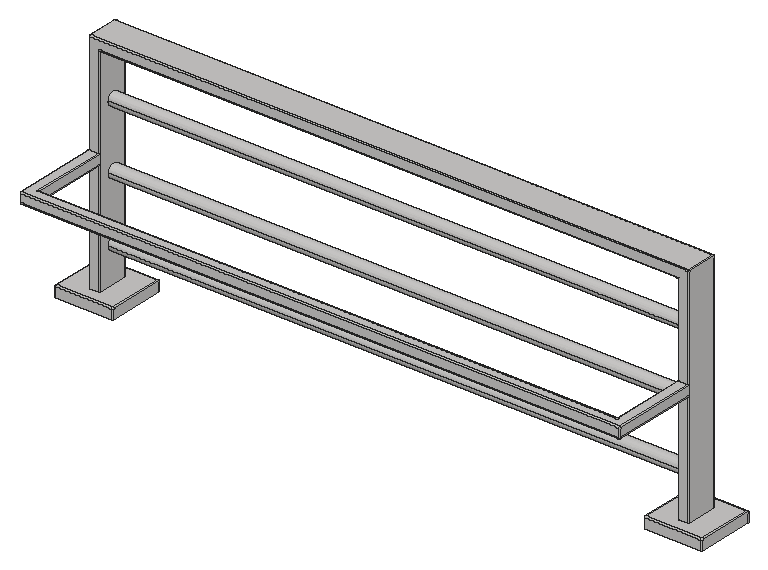
Revit family "PRD_FrankeWS_TwlRls_CUBUSDoubleTowelRack_CUBX012HP", category Specialty Equipment, host Face, Revit 2018
Family settings
  Host = Face
  Round Connector Dimension = Use Diameter
  Part Type = Normal
  OmniClass Number = 23.40.20.21.27
  OmniClass Title = Towel Bars
  Cut with Voids When Loaded = No
  Shared = No
  Room Calculation Point = No
Parameters (values of type "CUBX012HP")
  WarrantyStartDate [instance] = "1900-12-31T23:59:59"
  WarrantyGuarantorParts = "n/a"
  WarrantyGuarantorLabor = "n/a"
  WarrantyDurationUnit = "year"
  WarrantyDurationParts = "n/a"
  WarrantyDurationLabor = "n/a"
  WarrantyDescription = "n/a"
  Version = "1"
  Uniclass2015Version = "Products v1.17"
  Uniclass2015Title = "Towel rails"
  Uniclass2015Code = "Pr_40_20_76_90"
  URL = "www.kwc.com"
  TypeOfMounting = "Wall mounting"
  TypeOfFixing = "Screw"
  TagNumber [instance] = "n/a"
  SustainabilityPerformance = "n/a"
  Style = "Rack"
  Size = "600 x 122 x 220 mm"
  Shape = "n/a"
  SerialNumber [instance] = "n/a"
  Revision = "n/a"
  ReplacementCost = "n/a"
  RailMaterial = PRD_AR_StainlessSteel_HighPolished
  ProductInformation = "https://pim.kwc.com/product/2000106361/attachment/datasheet?locale=en"
  NominalWidth = 600.00 mm
  NominalHeight = 122.00 mm
  NominalDepth = 220.00 mm
  NetWeight = 1.51 kg
  Name = "Double Towel Rack CUBX012HP"
  NBSTypeID = "n/a"
  NBSReference = "45-35-72/372"
  NBSOfficeMasterTag = "n/a"
  NBSNote = "n/a"
  NBSDescription = "Towel rails"
  NBSCertification = "n/a"
  ModelReference = "CUBX012HP"
  ModelNumber = "2000106361"
  Model = ModelReference  # "CUBX012HP"
  MaterialCode = "1.4301"
  Material = "stainless steel"
  ManufacturerURL = "www.kwc.com"
  ManufacturerName = "KWC Group AG"  # constant formula
  Manufacturer = ManufacturerName  # "KWC Group AG"
  MainColor = "stainless steel"
  IsBuiltIn = "TRUE"
  IntegralAccessories = "incl. stainless steel screws and dowels"
  InstallationDate [instance] = "1900-12-31T23:59:59"
  IfcExportType = "USERDEFINED"
  IfcExportAs = "IfcFurnitureType"
  GrossWeight = 1.75 kg
  Grade = "n/a"
  Finish = "high polished"
  Features = "stainless steel, surface high polished"
  ExpectedLife = "n/a"
  DurationUnit = "year"
  Description = "Double towel rack in combination of towel shelf and rail for wall mounting, 304 stainless steel, square covers with drilled hole on bottom for fixation, inclusive stainless steel screws and dowels."
  Default Elevation = 1200.00 mm
  CreateOn = "05/2020"  # constant formula
  Constituents = "n/a"
  Color = "n/a"
  CodePerformance = "n/a"
  Category = "Pr_40_20_76_90, Towel rails"
  BarCode [instance] = "n/a"
  BIMObjectName = "PRD_AR_TowelRails_CUBUSDoubleTowelRack_CUBX012HP"
  Author = "Archispace"  # constant formula
  AssetType = "Fixed"
  AssetIdentifier [instance] = "n/a"
  AccessibilityPerformance = "n/a"
Reference planes
  plane 1 "Center (Front/Back)": y = 0
  plane 2: z = 0
  plane 3 "Center (Left/Right)": x = 0
  plane 4: through (0, 126.53, 100.48) normal (0, -0.7071, 0.7071)
  plane 5: through (0, -10.935, 59.177) normal (0, -0.1736, 0.9848)
  plane 6: y = 27
  plane 7: y = -27
  plane 8: x = -300
  plane 9: x = 300
  plane 10: x = 273
  plane 11: x = -273
Forms (mm)
  Extrusion 1, solid, material "PRD_AR_StainlessSteel_HighPolished" <- "RailMaterial", detail levels fine
    sketch origin (0, 0, 0) x (1, 0, 0) y (0, 1, 0)
      loop
        line (-300, 26) -> (-300, -26)
        arc (-300, -26) -> (-299.707, -26.707) -> (-299, -27) r 1
        line (-299, -27) -> (-247, -27)
        arc (-247, -27) -> (-246.293, -26.707) -> (-246, -26) r 1
        line (-246, -26) -> (-246, 26)
        arc (-246, 26) -> (-246.293, 26.707) -> (-247, 27) r 1
        line (-247, 27) -> (-299, 27)
        arc (-299, 27) -> (-299.707, 26.707) -> (-300, 26) r 1
      loop
        arc (300, 26) -> (299.707, 26.707) -> (299, 27) r 1
        line (299, 27) -> (247, 27)
        arc (247, 27) -> (246.293, 26.707) -> (246, 26) r 1
        line (246, 26) -> (246, -26)
        arc (246, -26) -> (246.293, -26.707) -> (247, -27) r 1
        line (247, -27) -> (299, -27)
        arc (299, -27) -> (299.707, -26.707) -> (300, -26) r 1
        line (300, -26) -> (300, 26)
    from 0 to 10
  Sweep 2, void
    path in 3D
      loop
        arc (-300, -26, 10) -> (-299.707, -26.707, 10) -> (-299, -27, 10) r 1
        line (-299, -27, 10) -> (-247, -27, 10)
        arc (-247, -27, 10) -> (-246.293, -26.707, 10) -> (-246, -26, 10) r 1
        line (-246, -26, 10) -> (-246, 26, 10)
        arc (-246, 26, 10) -> (-246.293, 26.707, 10) -> (-247, 27, 10) r 1
        line (-247, 27, 10) -> (-299, 27, 10)
        arc (-299, 27, 10) -> (-299.707, 26.707, 10) -> (-300, 26, 10) r 1
        line (-300, 26, 10) -> (-300, -26, 10)
    profile origin (-300, 0, 10) x (1, 0, 0) y (0, 0, 1)
      loop
        line (0, 0) -> (0, -0.9)
        arc (0, -0.9) -> (0.264, -0.264) -> (0.9, 0) r 0.9
        line (0.9, 0) -> (0, 0)
  Sweep 3, void
    path in 3D
      loop
        arc (300, -26, 10) -> (299.707, -26.707, 10) -> (299, -27, 10) r 1
        line (299, -27, 10) -> (247, -27, 10)
        arc (247, -27, 10) -> (246.293, -26.707, 10) -> (246, -26, 10) r 1
        line (246, -26, 10) -> (246, 26, 10)
        arc (246, 26, 10) -> (246.293, 26.707, 10) -> (247, 27, 10) r 1
        line (247, 27, 10) -> (299, 27, 10)
        arc (299, 27, 10) -> (299.707, 26.707, 10) -> (300, 26, 10) r 1
        line (300, 26, 10) -> (300, -26, 10)
    profile origin (300, 0, 10) x (1, 0, 0) y (0, 0, 1)
      loop
        line (0, 0) -> (-0.9, 0)
        arc (-0.9, 0) -> (-0.264, -0.264) -> (0, -0.9) r 0.9
        line (0, -0.9) -> (0, 0)
  Sweep 4, solid, material "PRD_AR_StainlessSteel_HighPolished" <- "RailMaterial", detail levels fine
    path origin (0, 0, 0) x (1, 0, 0) y (0, 0, 1)
      loop
        line (-273, 10) -> (-273, 215) -> (273, 215) -> (273, 10)
    profile origin (-273, 0, 112.5) x (-1, 0, 0) y (0, -1, 0)
      loop
        line (5, -14) -> (5, 14)
        arc (5, 14) -> (4.707, 14.707) -> (4, 15) r 1
        line (4, 15) -> (-4, 15)
        arc (-4, 15) -> (-4.707, 14.707) -> (-5, 14) r 1
        line (-5, 14) -> (-5, -14)
        arc (-5, -14) -> (-4.707, -14.707) -> (-4, -15) r 1
        line (-4, -15) -> (4, -15)
        arc (4, -15) -> (4.707, -14.707) -> (5, -14) r 1
  Extrusion 5, void
    sketch origin (0, 0, 95) x (1, 0, 0) y (0, 0, 1)
      loop
        line (-278, 125) -> (-278, 124)
        arc (-278, 124) -> (-277.707, 124.707) -> (-277, 125) r 1
        line (-277, 125) -> (-278, 125)
      loop
        line (278, 125) -> (277, 125)
        arc (277, 125) -> (277.707, 124.707) -> (278, 124) r 1
        line (278, 124) -> (278, 125)
    from -20.589 to 15
  Extrusion 6, solid, material "PRD_AR_StainlessSteel_HighPolished" <- "RailMaterial", detail levels medium
    sketch origin (0, 0, 0) x (1, 0, 0) y (0, 1, 0)
      loop
        line (-300, 27) -> (-300, -27) -> (-246, -27) -> (-246, 27) -> (-300, 27)
      loop
        line (300, 27) -> (246, 27) -> (246, -27) -> (300, -27) -> (300, 27)
    from 0 to 10
  Sweep 7, solid, material "PRD_AR_StainlessSteel_HighPolished" <- "RailMaterial", detail levels medium
    path origin (0, 0, 0) x (1, 0, 0) y (0, 0, 1)
      loop
        line (-273, 10) -> (-273, 215) -> (273, 215) -> (273, 10)
    profile origin (-273, 0, 112.5) x (-1, 0, 0) y (0, -1, 0)
      loop
        line (5, -15) -> (5, 15) -> (-5, 15) -> (-5, -15) -> (5, -15)
  Extrusion 8, solid, material "PRD_AR_StainlessSteel_HighPolished" <- "RailMaterial", detail levels coarse
    sketch origin (0, 0, 0) x (1, 0, 0) y (0, 1, 0)
      loop
        line (-300, 27) -> (-300, -95) -> (300, -95) -> (300, 27) -> (-300, 27)
    from 0 to 220
  Sweep 9, solid, material "PRD_AR_StainlessSteel_HighPolished" <- "RailMaterial", detail levels medium+fine
    path origin (0, 0, 0) x (1, 0, 0) y (0, 0, 1)
      loop
        line (-268, 45) -> (268, 45)
    profile origin (0, 0, 45) x (0, 0, 1) y (0, -1, 0)
      loop
        circle (0, 0) r 6
      loop
        circle (60, 0) r 6
      loop
        circle (120, 0) r 6
  Sweep 10, solid, material "PRD_AR_StainlessSteel_HighPolished" <- "RailMaterial", detail levels fine
    path origin (0, 0, 120) x (1, 0, 0) y (0, 1, 0)
      loop
        line (-273, -15) -> (-273, -90) -> (273, -90) -> (273, -15)
    profile origin (-273, -52.5, 120) x (1, 0, 0) y (0, 0, 1)
      loop
        arc (-5, -4) -> (-4.707, -4.707) -> (-4, -5) r 1
        line (-4, -5) -> (4, -5)
        arc (4, -5) -> (4.707, -4.707) -> (5, -4) r 1
        line (5, -4) -> (5, 4)
        arc (5, 4) -> (4.707, 4.707) -> (4, 5) r 1
        line (4, 5) -> (-4, 5)
        arc (-4, 5) -> (-4.707, 4.707) -> (-5, 4) r 1
        line (-5, 4) -> (-5, -4)
  Extrusion 11, void
    sketch origin (0, 0, 0) x (1, 0, 0) y (0, 1, 0)
      loop
        line (-278, -95) -> (-277, -95)
        arc (-277, -95) -> (-277.707, -94.707) -> (-278, -94) r 1
        line (-278, -94) -> (-278, -95)
      loop
        line (278, -95) -> (278, -94)
        arc (278, -94) -> (277.707, -94.707) -> (277, -95) r 1
        line (277, -95) -> (278, -95)
    from 112.543 to 127.889
  Sweep 12, solid, material "PRD_AR_StainlessSteel_HighPolished" <- "RailMaterial", detail levels medium
    path origin (0, 0, 120) x (1, 0, 0) y (0, 1, 0)
      loop
        line (-273, -15) -> (-273, -90) -> (273, -90) -> (273, -15)
    profile origin (-273, -52.5, 120) x (1, 0, 0) y (0, 0, 1)
      loop
        line (-5, -5) -> (5, -5) -> (5, 5) -> (-5, 5) -> (-5, -5)
Cuts and joins
  Sweep 2, Sweep 3 cuts Extrusion 1
  Extrusion 5 cuts Sweep 4
  Extrusion 11 cuts Sweep 10
Lines and regions (mm)
  sketch lines
    curve 1: line (-300, 26, 10) -> (-300, -26, 10)
    curve 2: arc (-300, 26, 10) -> (-299.707, 26.707, 10) -> (-299, 27, 10) r 1
    curve 3: line (-247, 27, 10) -> (-299, 27, 10)
    curve 4: arc (-247, 27, 10) -> (-246.293, 26.707, 10) -> (-246, 26, 10) r 1
    curve 5: line (-246, -26, 10) -> (-246, 26, 10)
    curve 6: arc (-299, -27, 10) -> (-299.707, -26.707, 10) -> (-300, -26, 10) r 1
    curve 7: line (-299, -27, 10) -> (-247, -27, 10)
    curve 8: arc (-246, -26, 10) -> (-246.293, -26.707, 10) -> (-247, -27, 10) r 1
    curve 9: line (300, 26, 10) -> (300, -26, 10)
    curve 10: arc (300, 26, 10) -> (299.707, 26.707, 10) -> (299, 27, 10) r 1
    curve 11: line (247, 27, 10) -> (299, 27, 10)
    curve 12: arc (247, 27, 10) -> (246.293, 26.707, 10) -> (246, 26, 10) r 1
    curve 13: line (246, -26, 10) -> (246, 26, 10)
    curve 14: arc (299, -27, 10) -> (299.707, -26.707, 10) -> (300, -26, 10) r 1
    curve 15: line (299, -27, 10) -> (247, -27, 10)
    curve 16: arc (246, -26, 10) -> (246.293, -26.707, 10) -> (247, -27, 10) r 1
Dimensions and locks
  plane 1 "Center (Front/Back)" to plane 7 = 27.00 mm
  plane 1 "Center (Front/Back)" to plane 6 = 27.00 mm
  plane 8 to plane 3 "Center (Left/Right)" = 300.00 mm
  plane 3 "Center (Left/Right)" to plane 9 = 300.00 mm
  plane 11 to plane 3 "Center (Left/Right)" = 273.00 mm
  plane 3 "Center (Left/Right)" to plane 10 = 273.00 mm
  aligned and locked: plane 2 to host face
  aligned and locked: level to host face
